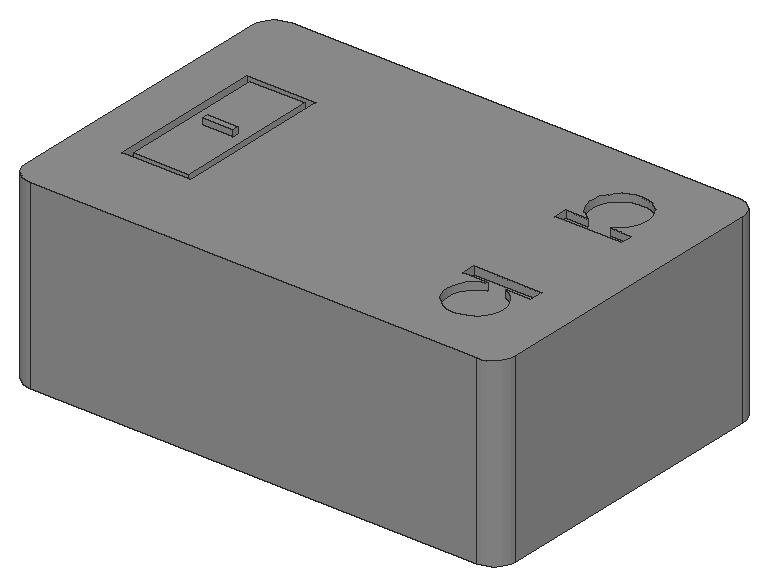
Revit family "Domotics-DomesticRanges-GEWISS-CHORUS_POWER-SOCKET-OUTLET_SHAVER", category Apparecchi elettrici, host Superficie, Revit 2016
Family settings
  Host = Superficie
  Mantenere orientamento annotazione = Sì
  Tipo di parte = Normale
  Quota connettore circolare = Usa diametro
  Numero OmniClass = 23.80.50.11.14
  Titolo OmniClass = Switches
  Taglio con vuoti quando caricato = Sì
  Condiviso = Sì
  Punto di calcolo locali = Sì
Parameters (values of type "GW14331 - Shaver socket eu/usa 3M Titanium")
  w = 46 mm
  tipologia = 0
  sp = 26 mm
  Wiring terminals = "With screw"
  Voltage = "230V ac"
  Version file RFA = "19.0"
  URL = "https://www.gewiss.com/ww/en"
  Type = "For razor"
  Thermo-pressure with ball = "125 °C"
  Terminal tightening capacity rigid cables (mm2) = "min. 0,5 - max. 2x2,5"
  Terminal tightening capacity flexible cables (mm2) = "min. 0,75 - max. 2x4"
  Terminal grip on cable traction = "> 50 N"
  Technical sheet = "https://www.gewiss.com/ww/en/search?q=GW14331"
  Supply voltage = "230 V ac - 50/60 Hz"
  Standard; = "IEC 60884-1; EN 61558-2-5"
  Standard: = "Euro-American"
  Standard = "Euro-USA"
  Socket-out type = "P11-USA"
  Simbolo [instance] = yes
  Selectable output voltage = "120-230V ac"
  SEO = "Socket outlet"
  Resistance at test voltage = "2000 V at 50 Hz for 1 minute"
  Realized by GEWISS S.p.A. = ""
  Produttore = "GEWISS S.p.A."
  Offset_presa [instance] = 0 mm
  Offset_bidimensionale [instance] = 2 mm
  finitura = titanio
  No. Chorus modules: = "3"
  No. Chorus modules = "3"
  Modello = "GW14331"
  Maximum power = "20VA"
  Insulation resistance = "> 5 MOhm"
  IDT = "d9f9e070-7523-4648-90a7-3128a0033d74"
  IDF = "7bb0a994-ccc8-431f-8470-e9729077d296"
  Glow Wire Test = ""
  For plug pins = "Ø 4 / 5 - 6.3x1.5 mm"
  Electrocod = "0131"
  EAN code = "8011564266735"
  Distanza_effettiva_x [instance] = 1500 mm - Distanza_x  # 1500 mm
  Default Elevation = 1219.2 mm
  L = 69 mm
  Finitura pulsante = titanio
  Distanza_x = 0 mm
  Descrizione = "SHAVER SOCKET+INSULATION TRANSF 3M T"
  Description: = "With isolation transformer"
  Description. = "Shaver socket-outlet"
  Colour = "Titanium"
  Category = "Shaver socket-outlet"
  Catalogue Range = "CHORUS - DOMESTIC RANGE"
  Catalogue = "DOMOTICS"
  COBie.Tagnumber = ""
  COBie.CreatedOn = ""
  COBie.CreatebBy = ""
  COBie.ComponentRegisterItemID = ""
  COBie.Component.TagNumber = ""
  COBie.Component.Space = ""
  COBie.Component.SerialNumber = ""
  COBie.Component.InstallationDate = ""
  COBie.Component.Description = ""
  COBie.Component.BarCode = ""
Types (3, lengths in mm): name | Technical sheet | finitura | Modello | IDT | Glow Wire Test | EAN code | Finitura pulsante | Descrizione | Colour
  GW10331 - Shaver socket eu/usa 3M White | "https://www.gewiss.com/ww/en/search?q=GW10331" | bianco | "GW10331" | "8a2e682f-882f-4583-a31d-239c4cda098e" | "850°C" | "8011564262515" | bianco | "SHAVER SOCKET EU/USA W. INS TRANSF 3M W" | "White"
  GW14331 - Shaver socket eu/usa 3M Titanium | "https://www.gewiss.com/ww/en/search?q=GW14331" | titanio | "GW14331" | "d9f9e070-7523-4648-90a7-3128a0033d74" | "" | "8011564266735" | titanio | "SHAVER SOCKET+INSULATION TRANSF 3M T" | "Titanium"
  GW12331 - Shaver socket eu/usa 3M Black | "https://www.gewiss.com/ww/en/search?q=GW12331" | nero | "GW12331" | "114e5040-8bc4-4b47-b20c-db8869e84c71" | "850°C" | "8011564267367" | nero | "SHAVER SOCKET+INSULATION TRANSF 3M B" | "Black"
Reference planes
  plane 1 "Centro (Fronte/Retro)": y = 0
  plane 2: z = 0
  plane 3 "Centro (Sinistra/Destra)": x = 0
  plane 4: x = -34.5
  plane 5: y = -23
  plane 6: x = 34.5
  plane 7: y = 23
  plane 8: z = 25.945
  plane 9: z = 24.945
  plane 10: z = 26.1
  plane 11: x = -1500
  plane 12: x = 0
  plane 13 "AA": z = 28
  plane 14: z = 0
  plane 15: z = 26
  plane 16: x = 23.098
  plane 17: y = 12.631
  plane 18: y = -12.763
  plane 19: y = 7.123
  plane 20: y = -7.123
  plane 21: x = -27.83
  plane 22: x = -18.113
  plane 23: x = -26.83
  plane 24: x = -19.113
  plane 25: x = -22.815
  plane 26: x = -23.315
  plane 27: x = -22.315
  plane 28: z = 26.787
  plane 29: y = 10.588
  plane 30: y = -11.548
Forms (mm)
  Extrusion 1, solid, material "titanio" <- "finitura", detail levels medium+fine
    sketch origin (105, 0, 0) x (1, 0, 0) y (0, 1, 0)
      loop
        line (-73.5, 23) -> (-136.5, 23)
        arc (-136.5, 23) -> (-138.621, 22.121) -> (-139.5, 20) r 3
        line (-139.5, 20) -> (-139.5, -20)
        arc (-139.5, -20) -> (-138.621, -22.121) -> (-136.5, -23) r 3
        line (-136.5, -23) -> (-73.5, -23)
        arc (-73.5, -23) -> (-71.379, -22.121) -> (-70.5, -20) r 3
        line (-70.5, -20) -> (-70.5, 20)
        arc (-70.5, 20) -> (-71.379, 22.121) -> (-73.5, 23) r 3
    from 0 to 26
  Extrusion 2, void
    sketch origin (0, 0, 28) x (-1, 0, 0) y (0, -1, 0)
      loop
        arc (-24.699, -9.052) -> (-23.098, -16.553) -> (-21.497, -9.052) r 3.921
        line (-21.497, -9.052) -> (-18.337, -9.052) -> (-18.337, -7.123) -> (-27.859, -7.123) -> (-27.859, -9.052) -> (-24.699, -9.052)
    from -3.055 to -2
  Extrusion 3, void
    sketch origin (0, 0, 28) x (-1, 0, 0) y (0, -1, 0)
      loop
        line (-24.366, 9.052) -> (-27.859, 9.052) -> (-27.859, 7.123) -> (-18.337, 7.123) -> (-18.337, 9.052) -> (-21.831, 9.052)
        arc (-21.831, 9.052) -> (-23.098, 16.684) -> (-24.366, 9.052) r 3.921
    from -3.055 to -2
  Extrusion 4, void
    sketch origin (0, 0, 28) x (-1, 0, 0) y (0, -1, 0)
      loop
        line (18.113, 11.548) -> (18.113, -10.588) -> (27.83, -10.588) -> (27.83, 11.548) -> (18.113, 11.548)
    from -3.055 to -2.055
  Extrusion 5, solid, material "titanio" <- "Finitura pulsante", detail levels medium+fine
    sketch origin (0, 0, 28) x (-1, 0, 0) y (0, -1, 0)
      loop
        line (26.83, 10.611) -> (19.113, 10.611) -> (19.113, -9.895) -> (26.83, -9.895) -> (26.83, 10.611)
    from -3.055 to -2.055
  Extrusion 6, solid, material "titanio" <- "Finitura pulsante", detail levels medium+fine
    sketch origin (0, 0, 0) x (1, 0, 0) y (0, 0, 1)
      loop
        line (-24.955, 24.945) -> (-20.676, 24.945) -> (-20.676, 26.787) -> (-24.955, 26.787) -> (-24.955, 24.945)
    from -0.053 to 0.83
Cuts and joins
  Extrusion 2, Extrusion 3, Extrusion 4 cuts Extrusion 1
Dimensions and locks
  equal spacing: plane 7, plane 1 "Centro (Fronte/Retro)", plane 5
  "w": plane 7 to plane 5
  equal spacing: plane 4, plane 3 "Centro (Sinistra/Destra)", plane 6
  "L": plane 4 to plane 6
  plane 11 to plane 3 "Centro (Sinistra/Destra)" = 1500 mm
  "Distanza_effettiva_x": plane 11 to plane 12
  locked: plane 15 to plane 9 at 1.055
  "sp": plane 15 to plane 14
  locked: plane 10 to plane 9 at 1.155
  "Offset_presa": plane 14 to host face
  "Offset_bidimensionale": plane 13 "AA" to plane 15
  locked: plane 16 to plane 6 at 11.402
  locked: plane 7 to plane 17 at 10.369
  locked: plane 18 to plane 5 at 10.237
  locked: plane 17 to plane 19 at 5.508
  locked: plane 20 to plane 18 at 5.64
  locked: plane 4 to plane 21 at 6.67
  locked: plane 21 to plane 22 at 9.716
  locked: plane 21 to plane 23 at 1
  locked: plane 24 to plane 22 at 1
  locked: plane 28 to plane 9 at 1.841
  locked: plane 8 to plane 9 at 1
  locked: plane 30 to plane 29 at 22.136
  radius of Extrusion 1 sketch curve = 3 mm  (x4)
  aligned and locked: plane 2 to host face
  aligned and locked: level to host face
  aligned and locked: Extrusion 1 to plane 4  (x2)
  aligned and locked: Extrusion 1 to plane 5
  aligned and locked: plane 7 to Extrusion 1
  aligned and locked: plane 14 to Extrusion 1
  aligned and locked: Extrusion 1 to plane 15
  aligned and locked: Extrusion 1 sketch curve to plane 6
  aligned and locked: plane 7 to Extrusion 1 sketch curve
  aligned and locked: Extrusion 1 sketch curve to plane 5
  aligned and locked: plane 16 to Extrusion 2 sketch curve
  aligned and locked: plane 17 to Extrusion 2 sketch curve
  aligned and locked: plane 19 to Extrusion 2 sketch curve
  aligned and locked: plane 16 to Extrusion 3 sketch curve
  aligned and locked: plane 18 to Extrusion 3 sketch curve
  aligned and locked: plane 20 to Extrusion 3 sketch curve
  aligned and locked: Extrusion 3 to plane 9
  aligned and locked: Extrusion 3 to plane 15
  aligned and locked: Extrusion 2 to plane 9
  aligned and locked: Extrusion 2 to plane 15
  aligned and locked: Extrusion 4 sketch curve to plane 21
  aligned and locked: Extrusion 4 to plane 9
  aligned and locked: plane 8 to Extrusion 4
  aligned and locked: Extrusion 5 sketch curve to plane 23
  aligned and locked: Extrusion 5 to plane 9
  aligned and locked: plane 8 to Extrusion 5
  aligned and locked: plane 1 "Centro (Fronte/Retro)" to nested 1
  aligned and locked: Extrusion 6 to plane 28
  aligned and locked: Extrusion 6 to plane 9
  aligned and locked: plane 3 "Centro (Sinistra/Destra)" to nested 1
  aligned and locked: plane 12 to nested 2
  aligned and locked: Extrusion 4 sketch curve to plane 22
  aligned and locked: Extrusion 5 sketch curve to plane 24
  aligned and locked: plane 13 "AA" to nested 1
Automatic sketch dimensions
  host sketch curve to host sketch curve = 2438.4 mm  (x2)
  Extrusion 1 sketch curve to plane 4 = 0 mm
  Extrusion 2 sketch curve to plane 16 = 1.601 mm
  Extrusion 2 sketch curve to Extrusion 2 sketch curve = 3.16 mm  (x2)
  plane 16 to Extrusion 2 sketch curve = 1.601 mm
  plane 19 to Extrusion 2 sketch curve = 1.929 mm
  plane 16 to Extrusion 3 sketch curve = 1.267 mm
  Extrusion 3 sketch curve to Extrusion 3 sketch curve = 3.494 mm  (x2)
  Extrusion 3 sketch curve to plane 16 = 1.267 mm
  Extrusion 3 sketch curve to Extrusion 3 sketch curve = 1.929 mm
  plane 26 to Extrusion 6 sketch curve = 1.639 mm
  Extrusion 6 sketch curve to plane 27 = 1.639 mm
  Extrusion 6 sketch curve to plane 8 = 1 mm
  Extrusion 6 sketch curve to plane 28 = 0 mm
  Extrusion 4 sketch curve to plane 17 = 2.043 mm
  plane 18 to Extrusion 4 sketch curve = 1.215 mm
  plane 29 to Extrusion 5 sketch curve = 0.693 mm
  Extrusion 5 sketch curve to plane 30 = 0.937 mm
Nested families
  nested 1: "2d presa rasoio" at (0, 0, 28), type "73F"
  nested 2: "SIMBOLO PRESA RASOIO" at (0, 209.714, 0), SIMBOLO <- "Simbolo", type "RASOIO"
    with SIMBOLO yes, Distanza dal muro 5 mm, BORDO ACCESO yes
Definition of nested family "2d presa rasoio"
  Parameters (values of type "73F")
    72F = no
    73F = yes
    71F = no
    Larghezza pulsante = 69 mm  # constant formula
  Reference planes
    plane 1 "Centro (Fronte/Retro)": y = 0
    plane 2: z = 0
    plane 3 "Centro (Sinistra/Destra)": x = 0
    plane 4: x = -34.5
    plane 5: x = 34.5
  Lines and regions (mm)
    model lines, detail levels coarse
      curve 1: arc (24.861, 10.243, 0) -> (22.978, 19.063, 0) -> (21.094, 10.243, 0) r 4.611
      curve 2: arc (21.094, -11.202, 0) -> (22.978, -20.023, 0) -> (24.861, -11.202, 0) r 4.611
      curve 3: line (-27.938, -0.48, 0) -> (-27.938, 10.588, 0)
      curve 4: line (-27.938, 10.588, 0) -> (-23.017, 10.588, 0)
      curve 5: line (-23.017, 10.588, 0) -> (-18.096, 10.588, 0)
      curve 6: line (-18.096, 10.588, 0) -> (-18.096, -0.48, 0)
      curve 7: line (-18.096, -0.48, 0) -> (-18.096, -11.548, 0)
      curve 8: line (-18.096, -11.548, 0) -> (-23.017, -11.548, 0)
      curve 9: line (-23.017, -11.548, 0) -> (-27.938, -11.548, 0)
      curve 10: line (-27.938, -11.548, 0) -> (-27.938, -0.48, 0)
      curve 11: line (34.483, -22.98, 0) -> (-34.517, -22.98, 0)
      curve 12: line (-34.517, -22.98, 0) -> (-34.517, 22.02, 0)
      curve 13: line (-34.517, 22.02, 0) -> (34.483, 22.02, 0)
      curve 14: line (34.483, 22.02, 0) -> (34.483, -22.98, 0)
      curve 34: line (-27.938, -1.153, 0) -> (-18.096, -1.153, 0)
      curve 35: line (-11.517, 18.588, 0) -> (-11.517, 7.01, 0)
      curve 36: line (-11.517, -19.548, 0) -> (-11.517, -7.969, 0)
      curve 37: line (24.861, 10.243, 0) -> (28.577, 10.243, 0)
      curve 38: line (28.577, 10.243, 0) -> (28.577, 7.974, 0)
      curve 39: line (28.577, 7.974, 0) -> (17.378, 7.974, 0)
      curve 40: line (17.378, 7.974, 0) -> (17.378, 10.243, 0)
      curve 41: line (17.378, 10.243, 0) -> (21.094, 10.243, 0)
      curve 42: line (24.861, -11.202, 0) -> (28.577, -11.202, 0)
      curve 43: line (28.577, -11.202, 0) -> (28.577, -8.934, 0)
      curve 44: line (28.577, -8.934, 0) -> (17.378, -8.934, 0)
      curve 45: line (17.378, -8.934, 0) -> (17.378, -11.202, 0)
      curve 46: line (17.378, -11.202, 0) -> (21.094, -11.202, 0)
      curve 47: line (27.033, -2.208, 0) -> (27.033, 1.249, 0)
      curve 48: line (27.033, 1.249, 0) -> (18.922, 1.249, 0)
      curve 49: line (18.922, 1.249, 0) -> (18.922, -2.208, 0)
      curve 50: line (18.922, -2.208, 0) -> (27.033, -2.208, 0)
      curve 71: line (-27.938, 0, 0) -> (-18.096, 0, 0)
    model lines
      curve 15: line (9.717, 9.153, 0) -> (2.835, 9.153, 0)
      curve 16: line (2.835, 9.153, 0) -> (2.835, -0.52, 0)
      curve 17: line (2.835, -0.52, 0) -> (0.882, -0.52, 0)
      curve 18: line (0.231, 9.153, 0) -> (-6.652, 9.153, 0)
      curve 19: line (-6.652, 9.153, 0) -> (-6.652, -0.334, 0)
      curve 20: line (-6.652, -0.334, 0) -> (-6.187, -2.194, 0)
      curve 21: line (-6.187, -2.194, 0) -> (-5.66, -3.279, 0)
      curve 22: line (-5.66, -3.279, 0) -> (-4.605, -4.519, 0)
      curve 23: line (-4.605, -4.519, 0) -> (-3.489, -5.325, 0)
      curve 24: line (-3.489, -5.325, 0) -> (-2.373, -3.093, 0)
      curve 25: line (-2.373, -3.093, 0) -> (0.776, -4.667, 0)
      curve 26: line (0.776, -4.667, 0) -> (-1.071, -9.045, 0)
      curve 27: line (-1.071, -9.045, 0) -> (-4.424, -7.63, 0)
      curve 28: line (-4.424, -7.63, 0) -> (-3.489, -5.325, 0)
      curve 29: line (2.091, -6.069, 0) -> (2.091, -8.363, 0)
      curve 30: line (4.323, -5.511, 0) -> (4.89, -7.733, 0)
      curve 31: line (6.307, -4.581, 0) -> (7.787, -6.333, 0)
      curve 32: line (7.733, -2.845, 0) -> (9.529, -4.272, 0)
      curve 33: line (8.663, -0.985, 0) -> (10.957, -0.985, 0)
      curve 51: line (-1.72, 6.929, 0) -> (-2.762, 6.798, 0)
      curve 52: line (-2.762, 6.798, 0) -> (-3.431, 5.911, 0)
      curve 53: line (-3.431, 5.911, 0) -> (-3.431, 4.933, 0)
      curve 54: line (-3.431, 4.933, 0) -> (-2.82, 4.119, 0)
      curve 55: line (-2.82, 4.119, 0) -> (-1.883, 3.956, 0)
      curve 56: line (-1.883, 3.956, 0) -> (-0.783, 4.281, 0)
      curve 57: line (-0.783, 4.281, 0) -> (-0.315, 5.169, 0)
      curve 58: line (-0.315, 5.169, 0) -> (-0.474, 6.155, 0)
      curve 59: line (-0.474, 6.155, 0) -> (-0.987, 6.766, 0)
      curve 60: line (-0.987, 6.766, 0) -> (-1.72, 6.929, 0)
      curve 61: line (7.261, 6.929, 0) -> (6.219, 6.798, 0)
      curve 62: line (6.219, 6.798, 0) -> (5.551, 5.911, 0)
      curve 63: line (5.551, 5.911, 0) -> (5.551, 4.933, 0)
      curve 64: line (5.551, 4.933, 0) -> (6.162, 4.119, 0)
      curve 65: line (6.162, 4.119, 0) -> (7.098, 3.956, 0)
      curve 66: line (7.098, 3.956, 0) -> (8.198, 4.281, 0)
      curve 67: line (8.198, 4.281, 0) -> (8.666, 5.169, 0)
      curve 68: line (8.666, 5.169, 0) -> (8.507, 6.155, 0)
      curve 69: line (8.507, 6.155, 0) -> (7.994, 6.766, 0)
      curve 70: line (7.994, 6.766, 0) -> (7.261, 6.929, 0)
      curve 72: line (-2.748, -8.337, 0) -> (-3.049, -9.051, 0)
      curve 73: line (-3.049, -9.051, 0) -> (-3.171, -10.732, 0)
      curve 74: line (-3.171, -10.732, 0) -> (-2.368, -11.891, 0)
      curve 75: line (-2.368, -11.891, 0) -> (-0.308, -12.041, 0)
      curve 76: line (-0.308, -12.041, 0) -> (3.072, -11.624, 0)
      curve 77: line (3.072, -11.624, 0) -> (6.818, -10.553, 0)
      curve 78: line (6.818, -10.553, 0) -> (10.208, -8.591, 0)
      curve 79: line (10.208, -8.591, 0) -> (12.437, -6.718, 0)
  Dimensions and locks
    equal spacing: plane 4, plane 3 "Centro (Sinistra/Destra)", plane 5
    plane 4 to plane 5 = 69 mm  (x2)
    aligned and locked: level to plane 2
  Automatic sketch dimensions
    curve 12 to plane 4 = 0.017 mm
    plane 1 "Centro (Fronte/Retro)" to curve 3 = 0.48 mm
    plane 4 to curve 3 = 6.562 mm
    curve 3 to curve 4 = 4.921 mm
    curve 9 to curve 9 = 4.921 mm
    curve 8 to curve 8 = 4.921 mm
    curve 19 to plane 3 "Centro (Sinistra/Destra)" = 6.652 mm
    plane 1 "Centro (Fronte/Retro)" to curve 20 = 2.194 mm
    curve 19 to curve 20 = 0.465 mm
    plane 1 "Centro (Fronte/Retro)" to curve 22 = 3.279 mm
    curve 20 to curve 22 = 0.527 mm
    curve 21 to curve 23 = 1.054 mm
    curve 22 to curve 27 = 0.181 mm
    curve 22 to curve 24 = 1.116 mm
    curve 53 to plane 3 "Centro (Sinistra/Destra)" = 3.431 mm
    curve 27 to curve 74 = 1.253 mm
    curve 73 to curve 73 = 0.122 mm
    curve 53 to curve 54 = 0.611 mm
    curve 52 to curve 52 = 0.668 mm
    curve 23 to curve 25 = 1.116 mm
    curve 73 to curve 74 = 0.803 mm
    curve 54 to curve 56 = 0.937 mm
    curve 51 to curve 60 = 1.042 mm
    curve 26 to plane 3 "Centro (Sinistra/Destra)" = 1.071 mm
    curve 51 to curve 60 = 0.733 mm
    curve 55 to curve 57 = 1.1 mm
    curve 59 to curve 59 = 0.513 mm
    curve 57 to plane 3 "Centro (Sinistra/Destra)" = 0.315 mm
    curve 76 to plane 3 "Centro (Sinistra/Destra)" = 0.308 mm
    plane 3 "Centro (Sinistra/Destra)" to curve 26 = 0.776 mm
    plane 1 "Centro (Fronte/Retro)" to curve 17 = 0.52 mm
    plane 3 "Centro (Sinistra/Destra)" to curve 17 = 2.835 mm
    plane 3 "Centro (Sinistra/Destra)" to curve 77 = 3.072 mm
    curve 15 to curve 64 = 2.716 mm
    curve 63 to curve 65 = 0.611 mm
    curve 62 to curve 62 = 0.668 mm
    curve 76 to curve 78 = 3.746 mm
    curve 64 to curve 65 = 0.937 mm
    curve 61 to curve 70 = 1.042 mm
    curve 61 to curve 69 = 0.733 mm
    curve 65 to curve 66 = 1.1 mm
    curve 69 to curve 69 = 0.513 mm
    curve 68 to curve 68 = 0.158 mm
    curve 77 to curve 78 = 3.389 mm
    curve 68 to curve 41 = 8.871 mm
    curve 78 to curve 44 = 7.17 mm
    plane 1 "Centro (Fronte/Retro)" to curve 50 = 2.208 mm
    curve 44 to curve 50 = 1.544 mm
    curve 40 to curve 41 = 3.716 mm
    curve 45 to curve 46 = 3.716 mm
    curve 46 to curve 2 = 1.883 mm
    curve 41 to curve 1 = 1.883 mm
    curve 46 to curve 42 = 3.766 mm
    curve 41 to curve 37 = 3.766 mm
    curve 50 to plane 5 = 7.467 mm
    curve 1 to curve 37 = 3.716 mm
    curve 2 to curve 44 = 3.716 mm
    curve 14 to plane 5 = 0.017 mm
    curve 22 to curve 21 = 1.24 mm
    plane 1 "Centro (Fronte/Retro)" to curve 25 = 4.667 mm
    curve 24 to curve 22 = 0.806 mm
    curve 27 to curve 23 = 2.305 mm
    plane 1 "Centro (Fronte/Retro)" to curve 78 = 8.591 mm
    curve 44 to curve 47 = 6.726 mm
    curve 72 to curve 27 = 1.421 mm
    curve 78 to curve 78 = 1.962 mm
    curve 73 to curve 72 = 1.681 mm
    curve 45 to curve 44 = 2.269 mm
    plane 1 "Centro (Fronte/Retro)" to curve 8 = 11.548 mm
    curve 77 to curve 77 = 1.07 mm
    curve 75 to curve 73 = 1.16 mm
    curve 76 to curve 74 = 0.15 mm
    curve 2 to curve 42 = 4.209 mm
    curve 11 to curve 42 = 11.777 mm
    plane 1 "Centro (Fronte/Retro)" to curve 7 = 0.48 mm
    plane 1 "Centro (Fronte/Retro)" to curve 19 = 0.334 mm
    curve 48 to plane 1 "Centro (Fronte/Retro)" = 1.249 mm
    curve 56 to plane 1 "Centro (Fronte/Retro)" = 3.956 mm
    curve 66 to plane 1 "Centro (Fronte/Retro)" = 3.956 mm
    curve 55 to curve 55 = 0.163 mm
    curve 65 to curve 64 = 0.163 mm
    curve 65 to curve 66 = 0.326 mm
    curve 55 to curve 57 = 0.326 mm
    curve 64 to curve 63 = 0.815 mm
    curve 54 to curve 54 = 0.815 mm
    curve 66 to curve 67 = 0.887 mm
    curve 56 to curve 58 = 0.887 mm
    curve 63 to curve 63 = 0.978 mm
    curve 53 to curve 53 = 0.978 mm
    curve 67 to curve 69 = 0.986 mm
    curve 57 to curve 59 = 0.986 mm
    curve 68 to curve 69 = 0.611 mm
    curve 58 to curve 59 = 0.611 mm
    curve 52 to curve 51 = 0.887 mm
    curve 62 to curve 61 = 0.887 mm
    curve 69 to curve 61 = 0.163 mm
    curve 59 to curve 51 = 0.163 mm
    curve 47 to curve 39 = 6.726 mm
    curve 61 to curve 16 = 2.355 mm
    curve 51 to curve 18 = 2.355 mm
    curve 38 to curve 37 = 2.269 mm
    curve 3 to curve 3 = 11.068 mm
    curve 37 to curve 1 = 4.209 mm
    curve 37 to curve 13 = 11.777 mm
    curve 35 to curve 18 = 4.866 mm
    curve 7 to curve 36 = 6.579 mm
    plane 3 "Centro (Sinistra/Destra)" to curve 18 = 0.231 mm
    plane 3 "Centro (Sinistra/Destra)" to curve 17 = 0.882 mm
    plane 3 "Centro (Sinistra/Destra)" to curve 29 = 2.091 mm
    curve 29 to curve 30 = 2.232 mm
    curve 30 to curve 30 = 0.568 mm
    curve 30 to curve 31 = 1.984 mm
    plane 1 "Centro (Fronte/Retro)" to curve 32 = 2.845 mm
    curve 31 to curve 32 = 1.426 mm
    curve 31 to curve 31 = 1.48 mm
    plane 1 "Centro (Fronte/Retro)" to curve 33 = 0.985 mm
    curve 32 to curve 33 = 0.93 mm
    plane 1 "Centro (Fronte/Retro)" to curve 32 = 4.272 mm
    curve 32 to curve 32 = 1.796 mm
    curve 69 to curve 15 = 1.722 mm
    curve 33 to curve 33 = 2.294 mm
    plane 1 "Centro (Fronte/Retro)" to curve 79 = 6.718 mm
    curve 78 to curve 79 = 2.23 mm
    curve 31 to curve 32 = 1.736 mm
    curve 30 to curve 31 = 0.93 mm
    curve 29 to curve 25 = 1.401 mm
    curve 31 to curve 31 = 1.753 mm
    curve 30 to curve 30 = 2.223 mm
    plane 1 "Centro (Fronte/Retro)" to curve 36 = 7.969 mm
    curve 29 to curve 29 = 2.294 mm
    curve 36 to curve 7 = 8 mm
    plane 1 "Centro (Fronte/Retro)" to curve 34 = 1.153 mm
    curve 6 to curve 71 = 0.48 mm
    curve 35 to curve 18 = 2.143 mm
    curve 5 to curve 35 = 8 mm
Definition of nested family "SIMBOLO PRESA RASOIO"
  Parameters (values of type "RASOIO")
    SIMBOLO [instance] = yes
    Distanza dal muro [instance] = 4.208 mm
    BORDO ACCESO [instance] = yes
  Reference planes
    plane 1: y = 0
    plane 2: x = 0
  Dimensions and locks
    aligned and locked: plane 2 to nested 1
    aligned and locked: plane 1 to nested 1
  Nested families
    nested 1: "SIMBOLO PRESA RASOIO_BASE" at (0, 0.156, 0), BORDO ACCESO <- "BORDO ACCESO", visible <- "SIMBOLO", type "RASOIO"
      with BORDO ACCESO yes
  Definition of nested family "SIMBOLO PRESA RASOIO_BASE"
    Parameters (values of type "RASOIO")
      Distanza dal muro = 4.208 mm
      BORDO ACCESO [instance] = yes
    Reference planes
      plane 1: y = 0
      plane 2: x = 0
    Lines and regions (mm)
      detail lines, visible <- "BORDO ACCESO", not visible
        curve 1: line (-1.743, 9.208, 0) -> (2.057, 9.208, 0)
        curve 2: line (2.057, 9.208, 0) -> (2.057, 4.208, 0)
        curve 3: line (2.057, 4.208, 0) -> (-1.743, 4.208, 0)
        curve 4: line (-1.743, 4.208, 0) -> (-1.743, 9.208, 0)
        curve 5: line (-1.543, 9.008, 0) -> (1.857, 9.008, 0)
        curve 6: line (1.857, 9.008, 0) -> (1.857, 4.408, 0)
        curve 7: line (1.857, 4.408, 0) -> (-1.543, 4.408, 0)
        curve 8: line (-1.543, 4.408, 0) -> (-1.543, 9.008, 0)
      detail lines
        curve 9: line (0, 0.996, 0) -> (0, 0.213, 0)
        curve 10: circle (0, 1.496, 0) r 0.5 normal (0, 0, 1)
        curve 11: arc (-0.393, 2.233, 0) -> (-0.004, 1.424, 0) -> (0.397, 2.227, 0) r 0.5
